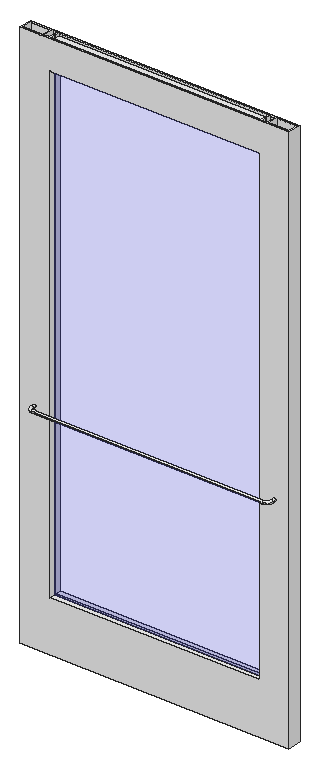
Revit family "kawneer-350_tuffline-sgl_20595", category Doors, Revit 2015
Parameters
  Width [instance] = 72"
  Water - Static (ASTM E 331) = "product not tested"
  URL = "http://www.kawneer.com/kawneer/north_america/en/product.asp?prod_id=1818"
  Type of Glazing = "monolithic, insulating"
  Type Comments = "Medium Stile Heavy Duty Swing Door"
  Thermal Transmittance = "n/a"
  Sub Category3 = ""
  Sub Category2 = ""
  Sub Category1 = ""
  Sightline = 0"
  Short Description = "Medium Stile Heavy Duty Swing Door"
  Product data url = "https://bimobject.com/kawneerna/product/20595"
  Panel Inserts Material = Glass
  Overall U-Factor = "product not tested"
  Model = "350 Tuffline® Entrance"
  Manufacturer Part Number = "350 Tuffline® Entrance"
  Manufacturer = "Kawneer"
  Keywords = "Entrance, Door, Swing Door, Heavy Wall, Heavy Duty"
  Hurricane Resistant Tested [instance] = "product not tested"
  Hinging Types = "Offset Pivot, Butt Hinge, Continuous Gear Hinge"
  Height [instance] = 84"
  Glazing Thickness = 0"
  Glass U-Factor = "product not tested"
  Glass Installtion = "outside, inside"
  Glass Capture = "Captured"
  Function (Interior or Exterior) = "Exterior"
  Function = Interior
  Finish = "any"
  Door Panel Material = Aluminum - ASTM B 221 - 6063-T6 alloy and temper
  Door Handle Material = Aluminum - ASTM B 221 - 6063-T6 alloy and temper
  Door Corner Construction = "Welded"
  Design Pressure = "n/a"
  Design Load = "n/a"
  Description = "The \"350 Tuffline\" medium stile heavy duty door offers durability in high abuse applications and is designed for  schools, universities, sports stadiums, and other high abuse areas."
  Depth = 0"
  Color = "any"
  Cladding Type = "n/a"
  CSI Masterformat Code = "08 41 13"
  Assembly Code = "B2030110"
  Application = "high traffic, high abuse"
  Air Infiltration (ASTM E 283) = "< 0.50 cfm/ft2  @ 6.24 psf (300 Pa), Single Doors"
  2-Color Option = "no"
Reference planes
  plane 1 "Center (Front/Back)": y = 0
  plane 2: z = 0
  plane 3 "Center (Left/Right)": x = 356.923
  plane 4: x = -163.077
  plane 5: x = 876.923
  plane 6 "Top": z = 2133.6
Text (mm)
  text "Exterior" at (-1161.5, 797.241, 0), in view "Ref. Level"
Dimensions and locks
  equal spacing: plane 4, plane 3 "Center (Left/Right)", plane 5
  "Height": plane 2 to plane 6 "Top"
  aligned and locked: plane 5 to nested 1
  aligned and locked: nested 1 to plane 1 "Center (Front/Back)"
  aligned and locked: plane 4 to nested 1
Nested families
  nested 1: "Kawneer-350_Tuffline-Sgl" at (46.567, -50, 0) x (-1, 0, 0) z (0, 0, 1), Height <- "Height", type "Kawneer-350_Tuffline-Sgl"
    with Width 40.94488", Height 84", Door Handle Width 36.44488"
Definition of nested family "Kawneer-350_Tuffline-Sgl"
  Parameters
    Width [instance] = 32"
    Water - static (ASTM E 331) = "product not tested"
    URL = "http://www.kawneer.com/kawneer/north_america/en/product.asp?prod_id=1818"
    Type of Glazing = "monolithic, insulating"
    Type Comments = "Medium Stile Heavy Duty Swing Door"
    Thermal transmittance = "n/a"
    Sub Category3 = ""
    Sub Category2 = ""
    Sub Category1 = ""
    Short Description = "Medium Stile Heavy Duty Swing Door"
    Panel Inserts Material = none
    Overall U-Factor = "product not tested"
    Model = "350 Tuffline® Entrance"
    Mfr Part Num = "350 Tuffline® Entrance"
    Manufacturer = "Kawneer"
    Keywords = "Entrance, Door, Swing Door, Heavy Wall, Heavy Duty"
    Hurricane Resistant Tested = "product not tested"
    Hinging Types = "Offset Pivot, Butt Hinge, Continuous Gear Hinge"
    Height [instance] = 84"
    Glass capture = "Captured"
    Glass U-Factor = "product not tested"
    Glass Installtion = "outside, inside"
    Function (Interior or Exterior) = "Exterior"
    Door Panel Material = none
    Door Hangle Material = none
    Door Hangle Height = 33 25/256"
    Door Handle Width [instance] = Width - (2 1/4" * 2)  # 27 1/2"
    Door Corner Construction = "Welded"
    Design load = "n/a"
    Design Pressure = "n/a"
    Description = "The \"350 Tuffline\" medium stile heavy duty door offers durability in high abuse applications and is designed for  schools, universities, sports stadiums, and other high abuse areas."
    Depth = 2"
    Color = "any"
    Cladding Type = "n/a"
    CSI Mastformat Code = "08 41 13"
    Assembly Code = "B2030110"
    Application = "high traffic, high abuse"
    Air Infiltration (ASTM E 283) = "< 0.50 cfm/ft2  @ 6.24 psf (300 Pa), Single Doors"
    2-Color Option = "no"
  Reference planes
    plane 1 "Center (Front/Back)": y = -50
    plane 2: z = 0
    plane 3 "Center (Left/Right)": x = -310.356
    plane 4: x = -716.756
    plane 5: x = 96.044
    plane 6: y = -24.6
    plane 7: y = -75.4
    plane 8: z = 2133.6
    plane 9: z = 840.68
    plane 10: x = -602.456
    plane 11: x = -18.256
    plane 12: x = -659.606
  Forms (mm)
    Sweep 1, solid, material <- "Door Panel Material"
      path origin (0, -50, 0) x (1, 0, 0) y (0, 0, 1)
        loop
          line (-716.756, 2133.6) -> (-716.756, 0)
      profile "TL Side : TL Side" origin (-716.756, -50, 1066.8) x (1, 0, 0) y (0, -1, 0)
        loop
          line (83.9, -20.4) -> (83.9, 20.439) -> (4.961, 20.439) -> (4.961, -20.4) -> (83.9, -20.4)
        loop
          line (114.3, 25.4) -> (0, 25.4) -> (0, -25.4) -> (114.3, -25.4) -> (114.3, -5.418) -> (109.339, -5.418) -> (109.339, -20.4) -> (88.9, -20.4) -> (88.9, 20.4) -> (109.339, 20.4) -> (109.339, 5.418) -> (114.3, 5.418) -> (114.3, 25.4)
    Sweep 2, solid, material <- "Door Panel Material"
      path origin (0, -50, 0) x (1, 0, 0) y (0, 0, 1)
        loop
          line (96.044, 2133.6) -> (96.044, 0)
      profile "TL Side : TL Side" origin (96.044, -50, 1066.8) x (1, 0, 0) y (0, -1, 0)
        loop
          line (-83.9, 20.4) -> (-83.9, -20.439) -> (-4.961, -20.439) -> (-4.961, 20.4) -> (-83.9, 20.4)
        loop
          line (-114.3, -25.4) -> (0, -25.4) -> (0, 25.4) -> (-114.3, 25.4) -> (-114.3, 5.418) -> (-109.339, 5.418) -> (-109.339, 20.4) -> (-88.9, 20.4) -> (-88.9, -20.4) -> (-109.339, -20.4) -> (-109.339, -5.418) -> (-114.3, -5.418) -> (-114.3, -25.4)
    Sweep 3, solid, material <- "Door Panel Material"
      path origin (0, -50, 0) x (1, 0, 0) y (0, 0, 1)
        loop
          line (-602.456, 2133.6) -> (-18.256, 2133.6)
      profile "TL Top : TL Top" origin (-310.356, -50, 2133.6) x (0, 0, 1) y (0, -1, 0)
        loop
          line (-73.225, 20.4) -> (-73.225, -20.439) -> (-15, -20.439) -> (-15, 20.4) -> (-73.225, 20.4)
        loop
          line (-78.225, -20.4) -> (-106.164, -20.4) -> (-106.164, -5.418) -> (-111.125, -5.418) -> (-111.125, -25.4) -> (0, -25.4) -> (0, -20.4) -> (-10, -20.4) -> (-10, 20.4) -> (0, 20.4) -> (0, 25.4) -> (-111.125, 25.4) -> (-111.125, 5.418) -> (-106.164, 5.418) -> (-106.164, 20.4) -> (-78.225, 20.4) -> (-78.225, -20.4)
    Sweep 4, solid, material <- "Door Panel Material"
      path origin (0, -50, 0) x (1, 0, 0) y (0, 0, 1)
        loop
          line (-602.456, 0) -> (-18.256, 0)
      profile "TL Bottom : TL Bottom" origin (-310.356, -50, 0) x (0, 0, 1) y (0, -1, 0)
        loop
          line (158.95, -20.4) -> (158.95, 20.439) -> (15, 20.439) -> (15, -20.4) -> (158.95, -20.4)
        loop
          line (163.95, 20.4) -> (191.889, 20.4) -> (191.889, 5.418) -> (196.85, 5.418) -> (196.85, 25.4) -> (0, 25.4) -> (0, 20.4) -> (10, 20.4) -> (10, -20.4) -> (0, -20.4) -> (0, -25.4) -> (196.85, -25.4) -> (196.85, -5.418) -> (191.889, -5.418) -> (191.889, -20.4) -> (163.95, -20.4) -> (163.95, 20.4)
    Extrusion 5, solid, material <- "Panel Inserts Material"
      sketch origin (0, 0, 0) x (1, 0, 0) y (0, 1, 0)
        loop
          line (-607.417, -44.582) -> (-607.417, -55.418) -> (-13.295, -55.418) -> (-13.295, -44.582) -> (-607.417, -44.582)
      from 191.889 to 2027.436
  Cuts and joins
    joined: Sweep 1, Sweep 2, Sweep 3, Sweep 4
  Dimensions and locks
    equal spacing: plane 4, plane 3 "Center (Left/Right)", plane 5
    equal spacing: plane 6, plane 1 "Center (Front/Back)", plane 7
    "Depth": plane 6 to plane 7
    "Width": plane 4 to plane 5
    "Height": plane 8 to level
    "Door Hangle Height": plane 9 to level
    locked: plane 4 to plane 10 at 114.3
    locked: plane 11 to plane 5 at 114.3
    locked: plane 4 to plane 12 at 57.15
    aligned and locked: plane 8 to Sweep 1 sketch curve
    aligned and locked: level to Sweep 1 sketch curve
    aligned and locked: plane 8 to Sweep 2 sketch curve
    aligned and locked: level to Sweep 2 sketch curve
    aligned and locked: plane 10 to Sweep 3 sketch curve
    aligned and locked: plane 11 to Sweep 3 sketch curve
    aligned and locked: plane 10 to Sweep 4 sketch curve
    aligned and locked: plane 11 to Sweep 4 sketch curve
    aligned and locked: plane 7 to nested 1
    aligned and locked: plane 12 to nested 1
    aligned and locked: plane 9 to nested 1
    aligned and locked: nested 2 to plane 6
    aligned and locked: nested 2 to plane 12
    aligned and locked: nested 2 to plane 9
    aligned and locked: Extrusion 5 sketch curve to cut or joined group of Sweep 1, Sweep 2, Sweep 3, Sweep 4  (x2)
    aligned and locked: cut or joined group of Sweep 1, Sweep 2, Sweep 3, Sweep 4 to Extrusion 5 sketch curve  (x2)
    aligned and locked: cut or joined group of Sweep 1, Sweep 2, Sweep 3, Sweep 4 to Extrusion 5  (x2)
  Automatic sketch dimensions
    Sweep 1 sketch curve to plane 4 = 0"
    Sweep 2 sketch curve to plane 5 = 0"
    Sweep 3 sketch curve to plane 8 = 0"
    Sweep 4 sketch curve to level = 0"
  Nested families
    nested 1: "Style CO 9 Pull" at (-697.641, -75.4, 612.08), type "Style CO 9 Pull"
    nested 2: "Style CP II Push Bar" at (-260.356, -24.6, 840.68), type "Style CP II Push Bar"
      with Width 27 1/2"
  Definition of nested family "Style CO 9 Pull"
    Parameters
      Width = 1.1811"
      Height = 9"
      Hangle Material = none
      Depth = 1.1811"
    Reference planes
      plane 1 "Center (Front/Back)": y = 0
      plane 2: z = 0
      plane 3 "Center (Left/Right)": x = 53.034
      plane 4: y = -30
      plane 5: x = 38.034
      plane 6: x = 68.034
      plane 7: x = 46.034
      plane 8 "Top": z = 228.6
      plane 9: x = 60.034
      plane 10: z = 220.6
      plane 11: z = 8
    Forms (mm)
      Sweep 1, solid, material <- "Hangle Material"
        path origin (0, 0, 0) x (1, 0, 0) y (0, 1, 0)
          loop
            line (38.034, 0) -> (38.034, -23)
            arc (38.034, -23) -> (40.085, -27.95) -> (45.034, -30) r 7
            line (45.034, -30) -> (60.034, -30)
        profile origin (38.034, -11.5, 0) x (1, 0, 0) y (0, 0, 1)
          loop
            circle (0, 0) r 5
      Sweep 2, solid, material <- "Hangle Material"
        path origin (0, 0, 228.6) x (-1, 0, 0) y (0, -1, 0)
          loop
            line (-38.034, 0) -> (-38.034, 23)
            arc (-38.034, 23) -> (-40.085, 27.95) -> (-45.034, 30) r 7
            line (-45.034, 30) -> (-60.034, 30)
        profile origin (38.034, -11.5, 228.6) x (1, 0, 0) y (0, 0, 1)
          loop
            circle (0, 0) r 5
      Sweep 3, solid, material <- "Hangle Material"
        path origin (-1540.712, -30, 1200) x (-1, 0, 0) y (0, 0, 1)
          loop
            arc (-1600.747, -1200) -> (-1606.404, -1197.657) -> (-1608.747, -1192) r 8
            line (-1608.747, -1192) -> (-1608.747, -979.4)
            arc (-1608.747, -979.4) -> (-1606.404, -973.743) -> (-1600.747, -971.4) r 8
        profile origin (68.034, -30, 114.3) x (1, 0, 0) y (0, 1, 0)
          loop
            circle (0, 0) r 5
    Cuts and joins
      joined: Sweep 1, Sweep 2, Sweep 3
    Dimensions and locks
      "Depth": plane 4 to plane 1 "Center (Front/Back)"
      equal spacing: plane 5, plane 3 "Center (Left/Right)", plane 6
      locked: plane 5 to plane 7 at 8
      "Width": plane 5 to plane 6
      "Height": plane 8 "Top" to level
      locked: plane 9 to plane 6 at 8
      locked: level to plane 11 at 8
      locked: plane 10 to plane 8 "Top" at 8
      aligned and locked: Sweep 1 sketch curve to plane 5
      aligned and locked: Sweep 1 sketch curve to plane 4
      aligned and locked: plane 1 "Center (Front/Back)" to Sweep 1 sketch curve
      aligned and locked: plane 9 to Sweep 1 sketch curve
      aligned and locked: Sweep 2 sketch curve to plane 5
      aligned and locked: Sweep 2 sketch curve to plane 4
      aligned and locked: plane 1 "Center (Front/Back)" to Sweep 2 sketch curve
      aligned and locked: plane 9 to Sweep 2 sketch curve
      aligned and locked: plane 6 to Sweep 3 sketch curve  (x2)
      aligned and locked: plane 10 to Sweep 3 sketch curve
      aligned and locked: plane 11 to Sweep 3 sketch curve
      aligned and locked: plane 9 to Sweep 3 sketch curve  (x2)
      aligned and locked: plane 8 "Top" to Sweep 3 sketch curve
      aligned and locked: level to Sweep 3 sketch curve
      aligned and locked: plane 4 to Sweep 3 sketch curve
    Automatic sketch dimensions
      Sweep 1 sketch curve to plane 7 = 0.03937"
      Sweep 1 sketch curve to level = 0"
      Sweep 1 sketch curve to profile plane = 0"
      Sweep 2 sketch curve to plane 7 = 0.03937"
      Sweep 2 sketch curve to plane 8 "Top" = 0"
      Sweep 2 sketch curve to profile plane = 0"
      radius of Sweep 1 sketch curve = 0.19685"
      radius of Sweep 2 sketch curve = 0.19685"
      radius of Sweep 3 sketch curve = 0.19685"
  Definition of nested family "Style CP II Push Bar"
    Parameters
      Width = 28"
      Hangle Material = none
      Depth = 1.1811"
    Reference planes
      plane 1 "Center (Front/Back)": y = 0
      plane 2: z = 0
      plane 3 "Center (Left/Right)": x = -50
      plane 4: x = -405.6
      plane 5: x = 305.6
      plane 6: y = -30
      plane 7: z = 0
    Forms (mm)
      Sweep 1, solid, material <- "Hangle Material"
        path origin (0, 0, 0) x (1, 0, 0) y (0, 1, 0)
          loop
            line (-405.6, 0) -> (-405.6, -15)
            arc (-405.6, -15) -> (-401.207, -25.607) -> (-390.6, -30) r 15
            line (-390.6, -30) -> (290.6, -30)
            arc (290.6, -30) -> (301.207, -25.607) -> (305.6, -15) r 15
            line (305.6, -15) -> (305.6, 0)
        profile origin (-50, -30, 0) x (0, 1, 0) y (0, 0, 1)
          loop
            circle (0, 0) r 5
    Dimensions and locks
      "Depth": plane 6 to plane 1 "Center (Front/Back)"
      equal spacing: plane 4, plane 3 "Center (Left/Right)", plane 5
      "Width": plane 4 to plane 5
      aligned and locked: Sweep 1 sketch curve to plane 5
      aligned and locked: plane 1 "Center (Front/Back)" to Sweep 1 sketch curve  (x2)
      aligned and locked: Sweep 1 sketch curve to plane 4
      aligned and locked: level to plane 7
    Automatic sketch dimensions
      Sweep 1 sketch curve to level = 0"
      Sweep 1 sketch curve to profile plane = 0"
      Sweep 1 sketch curve to plane 6 = 0"
      plane 4 to Sweep 1 sketch curve = 0.59055"
      plane 1 "Center (Front/Back)" to Sweep 1 sketch curve = 0.59055"
      radius of Sweep 1 sketch curve = 0.19685"
